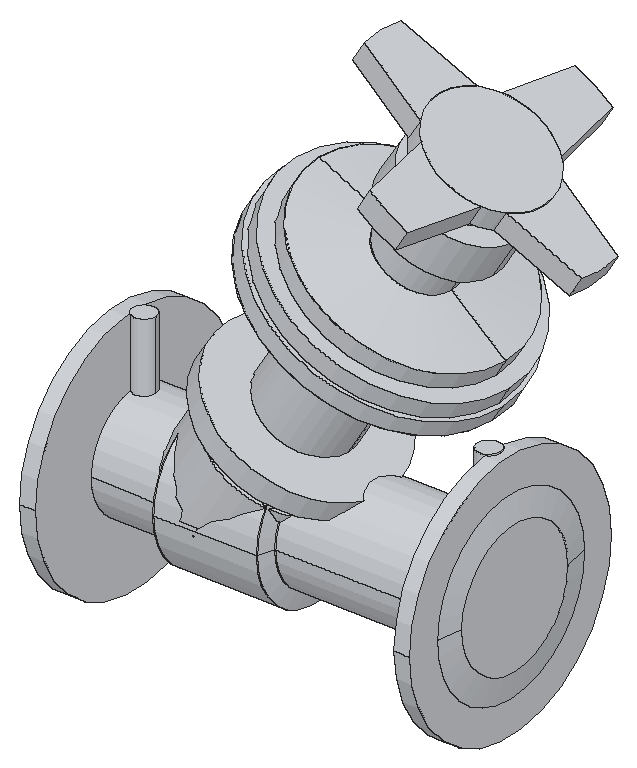
Revit family "224_DN100_40-160_RFA_2019", category Pipe Accessories, Revit 2019
Family settings
  Round Connector Dimension = Use Diameter
  Part Type = Valve - Breaks Into
  Work Plane-Based = No
  Always vertical = Yes
  Cut with Voids When Loaded = No
  Shared = No
Parameters (values of type "224_DN100_(40-160)")
  magiProductId = "71f9e553003c40d991c5e352e67284"
  magiProductFamilyId = "cb96b53648234cefb8c956722b95ac"
  magiPartTypeId = 304
  isMeasuringValve [instance] = no
  ang2D [instance] = 0.00°
  Z8 = 24.389 mm
  Z7 = 8.13 mm
  Z6 = 101.622 mm
  Z4 = 40.649 mm
  Z3 = 16.26 mm
  Z2 = 20.324 mm
  Z1 = 60.973 mm
  Y9 = 112.022 mm
  Y8 = 43.927 mm
  X9 = 19.752 mm
  X8 = 30.758 mm
  X5 = 152.2 mm
  X4 = 91 mm
  X1 = 14 mm
  W2D = 100 mm
  VersionID = "2.0/2018.4.11.4/ZETKAMA_224_001"
  Use Minimum Symbol Size [instance] = yes
  URL = "www.hydronic.cz"
  Type Comments = "přírubový ventil, PN16; -10~+120°C; dpmin=1,5xdpnast;"
  R8 = 53.625 mm
  R7 = 35.75 mm
  R6 = 96.688 mm
  R5 = 110 mm
  R4 = 113.75 mm
  R3 = 52 mm
  R2 = 80.5 mm
  R12 = 42.75 mm
  R10 = 58 mm
  QmdConnectorList = "301;D;302;D"
  Productdata [instance] = ""
  Manufacturer = "Hydronic Systems Prague s.r.o."
  Maintenance Zone Under Depth [instance] = 405 mm
  Maintenance Zone Right Depth [instance] = 350 mm
  Maintenance Zone Over Depth [instance] = 405 mm
  Maintenance Zone Left Depth [instance] = 350 mm
  Maintenance Zone Front Depth [instance] = 273 mm
  Maintenance Zone Back Depth [instance] = 273 mm
  Maintenance Zone Front Visibility [instance] = no
  MC Product Code = "224 100 7 (DN100; dpnast 40-160kPa; dpmax=250kPa; kvs=110,0kPa)"
  MC Piping Given Pressure Drop [instance] = 0.0 Pa
  LT2 = 175 mm
  L3 = 62.8 mm
  L2D_Min = 3048 mm
  L2D = 350 mm
  H5 = 60 mm
  FDT2 = 110 mm
  Description = "Regulátor diferenčního tlaku přírubový"
  DT21 = 50 mm
  DT2 = 50 mm
  D6 = 81.25 mm
  D5 = 65 mm
  D = 100 mm
  Clearance Zone Height Depth [instance] = 405 mm
  Clearance Zone Circular Radius [instance] = 350 mm
  Clearance Zone Visibility [instance] = no
  CAT0 = yes
  ARC2 = 1.728 mm
  ARC1 = 9.698 mm
  ANG = 32.00°
  A2 = 32.458 mm
  A1 = 51.943 mm
Types (10, lengths in mm): name | magiProductId | Z8 | Z7 | Z6 | Z4 | Z3 | Z2 | Z1 | X5 | X4 | X1 | R5 | R3 | R2 | R10 | Maintenance Zone Under Depth | Maintenance Zone Right Depth | Maintenance Zone Over Depth | Maintenance Zone Left Depth | MC Product Code | LT2 | L3 | H5 | FDT2 | DT21 | DT2 | D6 | D5 | D | Clearance Zone Height Depth | Clearance Zone Circular Radius | A2 | A1
  224_DN100_(40-160) | "71f9e553003c40d991c5e352e67284" | 24.389 | 8.13 | 101.622 | 40.649 | 16.26 | 20.324 | 60.973 | 152.2 | 91 | 14 | 110 | 52 | 80.5 | 58 | 405 | 350 | 405 | 350 | "224 100 7 (DN100; dpnast 40-160kPa; dpmax=250kPa; kvs=110,0kPa)" | 175 | 62.8 | 60 | 110 | 50 | 50 | 81.25 | 65 | 100 | 405 | 350 | 32.458 | 51.943
  224_DN100_(20-70) | "5e4de33176c64976a9c157b39996ce" | 24.389 | 8.13 | 101.622 | 40.649 | 16.26 | 20.324 | 60.973 | 152.2 | 91 | 14 | 110 | 52 | 80.5 | 58 | 405 | 350 | 405 | 350 | "224 100 3 (DN100; dpnast 20-70kPa; dpmax=250kPa; kvs=110,0kPa)" | 175 | 62.8 | 60 | 110 | 50 | 50 | 81.25 | 65 | 100 | 405 | 350 | 32.458 | 51.943
  224_DN125_(40-160) | "9beb69b667494b6ab1f54942078ae6" | 25.804 | 8.601 | 107.518 | 43.007 | 17.203 | 21.504 | 64.511 | 166.25 | 113.75 | 16 | 125 | 65 | 95.5 | 71 | 425 | 400 | 425 | 400 | "224 125 7 (DN125; dpnast 40-160kPa; dpmax=250kPa; kvs=169,0kPa)" | 200 | 72 | 62.5 | 125 | 62.5 | 62.5 | 101.562 | 81.25 | 125 | 425 | 400 | 37.094 | 59.363
  224_DN125_(20-70) | "2c85edc695ca465cb63b6911085491" | 25.804 | 8.601 | 107.518 | 43.007 | 17.203 | 21.504 | 64.511 | 166.25 | 113.75 | 16 | 125 | 65 | 95.5 | 71 | 425 | 400 | 425 | 400 | "224 125 3 (DN125; dpnast 20-70kPa; dpmax=250kPa; kvs=169,0kPa)" | 200 | 72 | 62.5 | 125 | 62.5 | 62.5 | 101.562 | 81.25 | 125 | 425 | 400 | 37.094 | 59.363
  224_DN150_(40-160) | "96017eba5eec4de2abe05c4d8dc7d1" | 26.866 | 8.955 | 89.552 | 44.776 | 17.91 | 22.388 | 89.552 | 223.38 | 115.5 | 19.2 | 142.5 | 70.2 | 108.5 | 84 | 440 | 480 | 440 | 480 | "224 150 7 (DN150; dpnast 40-160kPa; dpmax=250kPa; kvs=200,0kPa)" | 240 | 86.72 | 67.5 | 142.5 | 67.5 | 75 | 90.75 | 82.5 | 150 | 440 | 480 | 44.513 | 71.236
  224_DN150_(20-70) | "2dcf3707ec5549d494f72875a03dce" | 26.866 | 8.955 | 89.552 | 44.776 | 17.91 | 22.388 | 89.552 | 223.38 | 115.5 | 19.2 | 142.5 | 70.2 | 108.5 | 84 | 440 | 480 | 440 | 480 | "224 150 3 (DN150; dpnast 20-70kPa; dpmax=250kPa; kvs=200,0kPa)" | 240 | 86.72 | 67.5 | 142.5 | 67.5 | 75 | 90.75 | 82.5 | 150 | 440 | 480 | 44.513 | 71.236
  224_DN065_(40-160) | "7a3227ed888c4b0d8669ae9eb0085d" | 22.974 | 7.658 | 95.726 | 38.29 | 15.316 | 19.145 | 57.436 | 139.89 | 59.15 | 11.6 | 92.5 | 33.8 | 63 | 40.5 | 385 | 290 | 385 | 290 | "224 065 7 (DN65; dpnast 40-160kPa; dpmax=300kPa; kvs=48,4kPa)" | 145 | 51.76 | 60 | 92.5 | 32.5 | 32.5 | 52.812 | 42.25 | 65 | 385 | 290 | 26.893 | 43.038
  224_DN065_(20-70) | "bd269db4002540fe9b2a41f205afd7" | 22.974 | 7.658 | 95.726 | 38.29 | 15.316 | 19.145 | 57.436 | 139.89 | 59.15 | 11.6 | 92.5 | 33.8 | 63 | 40.5 | 385 | 290 | 385 | 290 | "224 065 3 (DN65; dpnast 20-70kPa; dpmax=300kPa; kvs=48,4kPa)" | 145 | 51.76 | 60 | 92.5 | 32.5 | 32.5 | 52.812 | 42.25 | 65 | 385 | 290 | 26.893 | 43.038
  224_DN080_(40-160) | "20b45c03d3cb49e9a44f946d5e2c2d" | 23.328 | 7.776 | 97.2 | 38.88 | 15.552 | 19.44 | 58.32 | 140.96 | 72.8 | 12.4 | 100 | 41.6 | 70.5 | 48 | 390 | 310 | 390 | 310 | "224 080 7 (DN80; dpnast 40-160kPa; dpmax=300kPa; kvs=74,5kPa)" | 155 | 55.44 | 60 | 100 | 40 | 40 | 65 | 52 | 80 | 390 | 310 | 28.748 | 46.007
  224_DN080_(20-70) | "2f63645f7c5342ecbadd0051fa47f2" | 23.328 | 7.776 | 97.2 | 38.88 | 15.552 | 19.44 | 58.32 | 140.96 | 72.8 | 12.4 | 100 | 41.6 | 70.5 | 48 | 390 | 310 | 390 | 310 | "224 080 3 (DN80; dpnast 20-70kPa; dpmax=300kPa; kvs=74,5kPa)" | 155 | 55.44 | 60 | 100 | 40 | 40 | 65 | 52 | 80 | 390 | 310 | 28.748 | 46.007
Reference planes
  plane 1 "Center (Front/Back)": y = 0
  plane 2 "XYPLANE": z = 0
  plane 3 "Center (Left/Right)": x = 0
  plane 4 "274": z = -405
  plane 5 "273": z = 405
  plane 6 "272": x = -350
  plane 7 "271": x = 350
  plane 8 "270": y = 273
  plane 9 "269": y = -273
  plane 10 "202": x = 152
  plane 11 "201": z = 50
  plane 12 "199": x = -150
  plane 13 "196": x = 4.8
  plane 14 "195": x = 0.8
  plane 15 "186": x = -90.2
  plane 16 "185": x = -94.2
  plane 17 "157": through (-523.992, 0, 576.747) normal (0.5299, 0, 0.848)
  plane 18 "123": y = -19.752
  plane 19 "122": y = -30.758
  plane 20 "120": y = 19.752
  plane 21 "119": y = 30.758
  plane 22 "118": through (258.389, 0, 722.924) normal (0.848, 0, -0.5299)
  plane 23 "117": through (390.642, 0, 640.284) normal (0.848, 0, -0.5299)
  plane 24 "116": through (448.389, 0, 604.199) normal (0.848, 0, -0.5299)
  plane 25 "115": through (316.137, 0, 686.839) normal (0.848, 0, -0.5299)
  plane 26 "113": y = -43.927
  plane 27 "112": y = -112.022
  plane 28 "110": through (379.474, 0, 647.262) normal (0.848, 0, -0.5299)
  plane 29 "108": through (336.638, 0, 674.029) normal (0.848, 0, -0.5299)
  plane 30 "107": through (327.305, 0, 679.861) normal (0.848, 0, -0.5299)
  plane 31 "106": through (370.14, 0, 653.094) normal (0.848, 0, -0.5299)
  plane 32 "105": y = 112.022
  plane 33 "104": y = 43.927
  plane 34 "99": through (-448.6, 0, 697.399) normal (0.5299, 0, 0.848)
  plane 35 "96": through (-459.371, 0, 680.163) normal (0.5299, 0, 0.848)
  plane 36 "91": through (-480.911, 0, 645.691) normal (0.5299, 0, 0.848)
  plane 37 "87": through (-502.452, 0, 611.219) normal (0.5299, 0, 0.848)
  plane 38 "84": through (-506.76, 0, 604.325) normal (0.5299, 0, 0.848)
  plane 39 "82": through (-515.376, 0, 590.536) normal (0.5299, 0, 0.848)
  plane 40 "75": through (-532.609, 0, 562.958) normal (0.5299, 0, 0.848)
  plane 41 "74": through (-545.533, 0, 542.275) normal (0.5299, 0, 0.848)
  plane 42 "41": through (-599.384, 0, 456.094) normal (0.5299, 0, 0.848)
  plane 43 "37": through (-610.155, 0, 438.858) normal (0.5299, 0, 0.848)
  plane 44 "34": through (-620.925, 0, 421.622) normal (0.5299, 0, 0.848)
  plane 45 "30": through (-653.236, 0, 369.914) normal (0.5299, 0, 0.848)
  plane 46 "28": y = 0
  plane 47 "27": through (353.389, 0, 663.562) normal (0.848, 0, -0.5299)
  plane 48 "24": x = 171
  plane 49 "23": x = 157
  plane 50 "15": x = -157
  plane 51 "11": x = -171
  plane 52 "6": x = 175
  plane 53 "5": x = -175
  plane 54 "3": z = 0
  plane 55 "2": y = 0
  plane 56 "1": x = 0
  plane 57 "25XY": through (-636.036, 0, 397.439) normal (0.5299, 0, 0.848)
  plane 58 "25XZ": y = 0
  plane 59 "25YZ": through (397.439, 0, 636.036) normal (0.848, 0, -0.5299)
Forms (mm)
  Blend 1, solid, visible <- "CAT0"
    base sketch origin (-545.533, 0, 542.275) x (0.848048, 0, -0.529919) y (0, 1, 0)
      loop
        circle (698.057, 0) r 42.75
    top sketch origin (-545.533, 0, 542.275) x (0.848048, 0, -0.529919) y (0, 1, 0)
      loop
        circle (698.057, 0) r 113.75
    from 0 to 24.389
  Blend 2, solid, visible <- "Maintenance Zone Front Visibility"
    base sketch origin (-750, 0, 405) x (1, 0, 0) y (0, 1, 0)
      loop
        line (400, 273) -> (400, -273) -> (1100, -273) -> (1100, 273) -> (400, 273)
    top sketch origin (-750, 0, 405) x (1, 0, 0) y (0, 1, 0)
      loop
        line (400, 273) -> (400, -273) -> (1100, -273) -> (1100, 273) -> (400, 273)
    from 0 to -810
  Extrusion 3, solid, visible <- "Clearance Zone Visibility"
    sketch origin (-750, 0, 0) x (1, 0, 0) y (0, 1, 0)
      loop
        circle (750, 0) r 350
    from 0 to 405 <- "Clearance Zone Height Depth"
  Extrusion 4, solid, visible <- "CAT0"
    sketch origin (-599.384, 0, 456.094) x (0.848048, 0, -0.529919) y (0, 1, 0)
      loop
        circle (698.057, 0) r 42.75
    from 0 to 101.622 <- "Z6"
  Extrusion 5, solid
    sketch origin (-750, 0, 50) x (1, 0, 0) y (0, 1, 0)
      loop
        circle (902, 0) r 10
    from 0 to 60 <- "H5"
  Extrusion 6, solid
    sketch origin (-750, 0, 50) x (1, 0, 0) y (0, 1, 0)
      loop
        circle (600, 0) r 10
    from 0 to 60 <- "H5"
  Extrusion 7, solid
    sketch origin (4.8, -750, 0) x (0, 1, 0) y (0, 0, 1)
      loop
        circle (750, 0) r 50
    from 0 to 152.2 <- "X5"
  Blend 8, solid
    base sketch origin (4.8, -750, 0) x (0, 1, 0) y (0, 0, 1)
      loop
        circle (750, 0) r 50
    top sketch origin (4.8, -750, 0) x (0, 1, 0) y (0, 0, 1)
      loop
        circle (750, 0) r 65
    from 0 to -4
  Extrusion 9, solid
    sketch origin (-90.2, -750, 0) x (0, 1, 0) y (0, 0, 1)
      loop
        circle (750, 0) r 65
    from 0 to 91 <- "X4"
  Blend 10, solid
    base sketch origin (-94.2, -750, 0) x (0, 1, 0) y (0, 0, 1)
      loop
        circle (750, 0) r 50
    top sketch origin (-94.2, -750, 0) x (0, 1, 0) y (0, 0, 1)
      loop
        circle (750, 0) r 65
    from 0 to 4
  Extrusion 11, solid
    sketch origin (-653.236, 0, 369.914) x (0.848048, 0, -0.529919) y (0, 1, 0)
      loop
        circle (698.057, 0) r 65
    from 0 to 60.973 <- "Z1"
  Extrusion 12, solid
    sketch origin (-532.609, 0, 562.958) x (0.848048, 0, -0.529919) y (0, 1, 0)
      loop
        circle (698.057, 0) r 113.75
    from 0 to 16.26 <- "Z3"
  Extrusion 13, solid
    sketch origin (-448.6, 0, 697.399) x (0.848048, 0, -0.529919) y (0, 1, 0)
      loop
        line (741.984, -30.758) -> (810.079, -19.752)
        arc (810.079, -19.752) -> (811.807, 0) -> (810.079, 19.752) r 113.75
        line (810.079, 19.752) -> (741.984, 30.758)
        arc (741.984, 30.758) -> (751.682, 0) -> (741.984, -30.758) r 53.625
    from 0 to 20.324 <- "Z2"
  Extrusion 14, solid
    sketch origin (-448.6, 0, 697.399) x (0.848048, 0, -0.529919) y (0, 1, 0)
      loop
        line (654.13, 30.758) -> (586.035, 19.752)
        arc (586.035, 19.752) -> (584.307, 0) -> (586.035, -19.752) r 113.75
        line (586.035, -19.752) -> (654.13, -30.758)
        arc (654.13, -30.758) -> (644.432, 0) -> (654.13, 30.758) r 53.625
    from 0 to 20.324 <- "Z2"
  Extrusion 15, solid
    sketch origin (-448.6, 0, 697.399) x (0.848048, 0, -0.529919) y (0, 1, 0)
      loop
        line (667.299, -43.927) -> (678.305, -112.022)
        arc (678.305, -112.022) -> (698.057, -113.75) -> (717.81, -112.022) r 113.75
        line (717.81, -112.022) -> (728.815, -43.927)
        arc (728.815, -43.927) -> (698.057, -53.625) -> (667.299, -43.927) r 53.625
    from 0 to 20.324 <- "Z2"
  Extrusion 16, solid
    sketch origin (-448.6, 0, 697.399) x (0.848048, 0, -0.529919) y (0, 1, 0)
      loop
        line (728.815, 43.927) -> (717.81, 112.022)
        arc (717.81, 112.022) -> (698.057, 113.75) -> (678.305, 112.022) r 113.75
        line (678.305, 112.022) -> (667.299, 43.927)
        arc (667.299, 43.927) -> (698.057, 53.625) -> (728.815, 43.927) r 53.625
    from 0 to 20.324 <- "Z2"
  Extrusion 17, solid
    sketch origin (-448.6, 0, 697.399) x (0.848048, 0, -0.529919) y (0, 1, 0)
      loop
        circle (698.057, 0) r 53.625
    from 0 to 20.324 <- "Z2"
  Extrusion 18, solid
    sketch origin (-459.371, 0, 680.163) x (0.848048, 0, -0.529919) y (0, 1, 0)
      loop
        circle (698.057, 0) r 35.75
    from 0 to 20.324 <- "Z2"
  Extrusion 19, solid
    sketch origin (-480.911, 0, 645.691) x (0.848048, 0, -0.529919) y (0, 1, 0)
      loop
        circle (698.057, 0) r 53.625
    from 0 to 40.649 <- "Z4"
  Extrusion 20, solid
    sketch origin (-502.452, 0, 611.219) x (0.848048, 0, -0.529919) y (0, 1, 0)
      loop
        circle (698.057, 0) r 35.75
    from 0 to 40.649 <- "Z4"
  Blend 21, solid
    base sketch origin (-506.76, 0, 604.325) x (0.848048, 0, -0.529919) y (0, 1, 0)
      loop
        circle (698.057, 0) r 96.688
    top sketch origin (-506.76, 0, 604.325) x (0.848048, 0, -0.529919) y (0, 1, 0)
      loop
        circle (698.057, 0) r 35.75
    from 0 to 8.13
  Extrusion 22, solid
    sketch origin (-515.376, 0, 590.536) x (0.848048, 0, -0.529919) y (0, 1, 0)
      loop
        circle (698.057, 0) r 96.688
    from 0 to 16.26 <- "Z3"
  Extrusion 23, solid
    sketch origin (-523.992, 0, 576.747) x (0.848048, 0, -0.529919) y (0, 1, 0)
      loop
        circle (698.057, 0) r 110
    from 0 to 16.26 <- "Z3"
  Extrusion 24, solid
    sketch origin (-610.155, 0, 438.858) x (0.848048, 0, -0.529919) y (0, 1, 0)
      loop
        circle (698.057, 0) r 81.25
    from 0 to 20.324 <- "Z2"
  Extrusion 25, solid
    sketch origin (-620.925, 0, 421.622) x (0.848048, 0, -0.529919) y (0, 1, 0)
      loop
        circle (698.057, 0) r 52
    from 0 to 20.324 <- "Z2"
  Blend 26, solid
    base sketch origin (171, -750, 0) x (0, 1, 0) y (0, 0, 1)
      loop
        circle (750, 0) r 80.5
    top sketch origin (171, -750, 0) x (0, 1, 0) y (0, 0, 1)
      loop
        circle (750, 0) r 58
    from 0 to 4
  Extrusion 27, solid
    sketch origin (157, -750, 0) x (0, 1, 0) y (0, 0, 1)
      loop
        circle (750, 0) r 110
    from 0 to 14 <- "X1"
  Extrusion 28, solid
    sketch origin (-157, -750, 0) x (0, 1, 0) y (0, 0, 1)
      loop
        circle (750, 0) r 50
    from 0 to 62.8 <- "L3"
  Extrusion 29, solid
    sketch origin (-171, -750, 0) x (0, 1, 0) y (0, 0, 1)
      loop
        circle (750, 0) r 110
    from 0 to 14 <- "X1"
  Blend 30, solid
    base sketch origin (-175, -750, 0) x (0, 1, 0) y (0, 0, 1)
      loop
        circle (750, 0) r 58
    top sketch origin (-175, -750, 0) x (0, 1, 0) y (0, 0, 1)
      loop
        circle (750, 0) r 80.5
    from 0 to 4
  Extrusion 31, solid, not visible
    sketch origin (175, -750, 0) x (0, 1, 0) y (0, 0, 1)
      loop
        circle (750, 0) r 10
    from 0 to -10
  Extrusion 32, solid, not visible
    sketch origin (-175, -750, 0) x (0, 1, 0) y (0, 0, 1)
      loop
        circle (750, 0) r 10
    from 0 to 10
Lines and regions (mm)
  reference lines, not visible
    curve 1: circle (2, 2, 0) r 1 normal (0, 0, 1)
  reference lines
    curve 2: line (180.638, -30.758, 304.208) -> (180.638, 30.758, 304.208)
    curve 3: line (238.386, 19.752, 268.123) -> (238.386, -19.752, 268.123)
    curve 4: line (106.133, 30.758, 350.763) -> (106.133, -30.758, 350.763)
    curve 5: line (48.386, -19.752, 386.848) -> (48.386, 19.752, 386.848)
    curve 6: line (117.301, -43.927, 343.785) -> (169.47, -43.927, 311.186)
    curve 7: line (160.137, -112.022, 317.018) -> (126.635, -112.022, 337.953)
    curve 8: line (169.47, 43.927, 311.186) -> (117.301, 43.927, 343.785)
    curve 9: line (126.635, 112.022, 337.953) -> (160.137, 112.022, 317.018)
Dimensions and locks
  plane 1 "Center (Front/Back)" to curve 1 = 2 mm
  "Maintenance Zone Under Depth": plane 2 "XYPLANE" to plane 4 "274"
  "Maintenance Zone Over Depth": plane 2 "XYPLANE" to plane 5 "273"
  "Maintenance Zone Left Depth": plane 3 "Center (Left/Right)" to plane 6 "272"
  "Maintenance Zone Right Depth": plane 3 "Center (Left/Right)" to plane 7 "271"
  "Maintenance Zone Back Depth": plane 1 "Center (Front/Back)" to plane 8 "270"
  "Maintenance Zone Front Depth": plane 1 "Center (Front/Back)" to plane 9 "269"
  locked: plane 49 "23" to plane 10 "202" at 5
  "DT2": plane 2 "XYPLANE" to plane 11 "201"
  locked: plane 50 "15" to plane 12 "199" at 7
  locked: plane 14 "195" to plane 13 "196" at 4
  "X4": plane 15 "186" to plane 14 "195"
  locked: plane 16 "185" to plane 15 "186" at 4
  "L3": plane 50 "15" to plane 16 "185"
  "Z3": plane 40 "75" to plane 17 "157"
  "X9": plane 55 "2" to plane 18 "123"
  "X8": plane 55 "2" to plane 19 "122"
  "X9": plane 55 "2" to plane 20 "120"
  "X8": plane 55 "2" to plane 21 "119"
  "Y9": plane 47 "27" to plane 22 "118"
  "Y8": plane 47 "27" to plane 23 "117"
  "Y9": plane 47 "27" to plane 24 "116"
  "Y8": plane 47 "27" to plane 25 "115"
  "Y8": plane 55 "2" to plane 26 "113"
  "Y9": plane 55 "2" to plane 27 "112"
  "X8": plane 47 "27" to plane 28 "110"
  "X9": plane 47 "27" to plane 29 "108"
  "X8": plane 47 "27" to plane 30 "107"
  "X9": plane 47 "27" to plane 31 "106"
  "Y9": plane 55 "2" to plane 32 "105"
  "Y8": plane 55 "2" to plane 33 "104"
  "Z2": plane 35 "96" to plane 34 "99"
  "Z4": plane 36 "91" to plane 35 "96"
  "Z4": plane 37 "87" to plane 36 "91"
  "Z7": plane 38 "84" to plane 37 "87"
  "Z3": plane 39 "82" to plane 38 "84"
  "Z3": plane 17 "157" to plane 39 "82"
  "Z8": plane 41 "74" to plane 40 "75"
  "Z6": plane 42 "41" to plane 41 "74"
  "Z2": plane 43 "37" to plane 42 "41"
  "Z2": plane 44 "34" to plane 43 "37"
  "Z1": plane 45 "30" to plane 44 "34"
  "A2": plane 57 "25XY" to plane 45 "30"
  locked: plane 55 "2" to plane 46 "28"
  "A1": plane 59 "25YZ" to plane 47 "27"
  "X1": plane 49 "23" to plane 48 "24"
  "X5": plane 13 "196" to plane 49 "23"
  "X1": plane 51 "11" to plane 50 "15"
  locked: plane 53 "5" to plane 51 "11" at 4
  "LT2": plane 3 "Center (Left/Right)" to plane 52 "6"
  "LT2": plane 3 "Center (Left/Right)" to plane 53 "5"
  locked: plane 2 "XYPLANE" to plane 54 "3"
  locked: plane 1 "Center (Front/Back)" to plane 55 "2"
  locked: plane 3 "Center (Left/Right)" to plane 56 "1"
  Blend 2 sketch curve to Blend 2 sketch curve = 0 mm  (x16)
  "ARC1": curve 2 to Extrusion 13 sketch curve
  "ARC2": curve 3 to Extrusion 13 sketch curve
  Extrusion 13 sketch curve to Extrusion 13 sketch curve = 0 mm  (x8)
  "ARC1": curve 4 to Extrusion 14 sketch curve
  "ARC2": curve 5 to Extrusion 14 sketch curve
  Extrusion 14 sketch curve to Extrusion 14 sketch curve = 0 mm  (x8)
  "ARC1": curve 6 to Extrusion 15 sketch curve
  "ARC2": curve 7 to Extrusion 15 sketch curve
  Extrusion 15 sketch curve to Extrusion 15 sketch curve = 0 mm  (x8)
  "ARC1": curve 8 to Extrusion 16 sketch curve
  "ARC2": curve 9 to Extrusion 16 sketch curve
  Extrusion 16 sketch curve to Extrusion 16 sketch curve = 0 mm  (x8)
  "R4": radius of Blend 1 sketch curve
  "R12": radius of Blend 1 sketch curve
  "Clearance Zone Circular Radius": radius of Extrusion 3 sketch curve
  "R12": radius of Extrusion 4 sketch curve
  "DT21": radius of Extrusion 7 sketch curve
  "D5": radius of Blend 8 sketch curve
  "DT21": radius of Blend 8 sketch curve
  "D5": radius of Extrusion 9 sketch curve
  "D5": radius of Blend 10 sketch curve
  "DT21": radius of Blend 10 sketch curve
  "D5": radius of Extrusion 11 sketch curve
  "R4": radius of Extrusion 12 sketch curve
  "R8": radius of Extrusion 17 sketch curve
  "R7": radius of Extrusion 18 sketch curve
  "R8": radius of Extrusion 19 sketch curve
  "R7": radius of Extrusion 20 sketch curve
  "R7": radius of Blend 21 sketch curve
  "R6": radius of Blend 21 sketch curve
  "R6": radius of Extrusion 22 sketch curve
  "R5": radius of Extrusion 23 sketch curve
  "D6": radius of Extrusion 24 sketch curve
  "R3": radius of Extrusion 25 sketch curve
  "R10": radius of Blend 26 sketch curve
  "R2": radius of Blend 26 sketch curve
  "FDT2": radius of Extrusion 27 sketch curve
  "DT21": radius of Extrusion 28 sketch curve
  "FDT2": radius of Extrusion 29 sketch curve
  "R2": radius of Blend 30 sketch curve
  "R10": radius of Blend 30 sketch curve
  aligned and locked: level to plane 2 "XYPLANE"
  aligned and locked: plane 46 "28" to Blend 1 sketch curve  (x2)
  aligned and locked: Blend 1 sketch curve to plane 47 "27"  (x2)
  aligned and locked: plane 40 "75" to Blend 1
  aligned and locked: Blend 2 sketch curve to plane 6 "272"  (x2)
  aligned and locked: plane 8 "270" to Blend 2 sketch curve  (x4)
  aligned and locked: plane 9 "269" to Blend 2 sketch curve  (x4)
  aligned and locked: plane 6 "272" to Blend 2 sketch curve  (x2)
  aligned and locked: plane 7 "271" to Blend 2 sketch curve  (x4)
  aligned and locked: Blend 2 to plane 4 "274"
  aligned and locked: plane 55 "2" to Extrusion 3 sketch curve
  aligned and locked: plane 56 "1" to Extrusion 3 sketch curve
  aligned and locked: plane 46 "28" to Extrusion 4 sketch curve
  aligned and locked: Extrusion 4 sketch curve to plane 47 "27"
  aligned and locked: plane 10 "202" to Extrusion 5 sketch curve
  aligned and locked: plane 55 "2" to Extrusion 5 sketch curve
  aligned and locked: plane 12 "199" to Extrusion 6 sketch curve
  aligned and locked: plane 55 "2" to Extrusion 6 sketch curve
  aligned and locked: plane 54 "3" to Extrusion 7 sketch curve
  aligned and locked: Extrusion 7 sketch curve to plane 55 "2"
  aligned and locked: plane 54 "3" to Blend 8 sketch curve  (x2)
  aligned and locked: Blend 8 sketch curve to plane 55 "2"  (x2)
  aligned and locked: Blend 8 to plane 14 "195"
  aligned and locked: plane 54 "3" to Extrusion 9 sketch curve
  aligned and locked: Extrusion 9 sketch curve to plane 55 "2"
  aligned and locked: plane 54 "3" to Blend 10 sketch curve  (x2)
  aligned and locked: Blend 10 sketch curve to plane 55 "2"  (x2)
  aligned and locked: plane 15 "186" to Blend 10
  aligned and locked: plane 46 "28" to Extrusion 11 sketch curve
  aligned and locked: Extrusion 11 sketch curve to plane 47 "27"
  aligned and locked: plane 46 "28" to Extrusion 12 sketch curve
  aligned and locked: Extrusion 12 sketch curve to plane 47 "27"
  aligned and locked: curve 2 to plane 23 "117"
  aligned and locked: plane 19 "122" to curve 2
  aligned and locked: plane 21 "119" to curve 2
  aligned and locked: plane 21 "119" to Extrusion 13 sketch curve
  aligned and locked: plane 23 "117" to Extrusion 13 sketch curve
  aligned and locked: plane 20 "120" to Extrusion 13 sketch curve
  aligned and locked: plane 24 "116" to Extrusion 13 sketch curve
  aligned and locked: curve 3 to plane 24 "116"
  aligned and locked: plane 20 "120" to curve 3
  aligned and locked: plane 18 "123" to curve 3
  aligned and locked: plane 18 "123" to Extrusion 13 sketch curve
  aligned and locked: Extrusion 13 sketch curve to plane 24 "116"
  aligned and locked: plane 19 "122" to Extrusion 13 sketch curve
  aligned and locked: Extrusion 13 sketch curve to plane 23 "117"
  aligned and locked: curve 4 to plane 25 "115"
  aligned and locked: plane 21 "119" to curve 4
  aligned and locked: plane 19 "122" to curve 4
  aligned and locked: plane 19 "122" to Extrusion 14 sketch curve
  aligned and locked: Extrusion 14 sketch curve to plane 25 "115"
  aligned and locked: plane 18 "123" to Extrusion 14 sketch curve
  aligned and locked: Extrusion 14 sketch curve to plane 22 "118"
  aligned and locked: curve 5 to plane 22 "118"
  aligned and locked: plane 18 "123" to curve 5
  aligned and locked: plane 20 "120" to curve 5
  aligned and locked: plane 20 "120" to Extrusion 14 sketch curve
  aligned and locked: plane 22 "118" to Extrusion 14 sketch curve
  aligned and locked: plane 21 "119" to Extrusion 14 sketch curve
  aligned and locked: plane 25 "115" to Extrusion 14 sketch curve
  aligned and locked: curve 6 to plane 26 "113"
  aligned and locked: curve 6 to plane 30 "107"
  aligned and locked: curve 6 to plane 28 "110"
  aligned and locked: plane 26 "113" to Extrusion 15 sketch curve  (x2)
  aligned and locked: Extrusion 15 sketch curve to plane 28 "110"
  aligned and locked: plane 27 "112" to Extrusion 15 sketch curve  (x2)
  aligned and locked: Extrusion 15 sketch curve to plane 31 "106"
  aligned and locked: plane 27 "112" to curve 7
  aligned and locked: curve 7 to plane 31 "106"
  aligned and locked: curve 7 to plane 29 "108"
  aligned and locked: Extrusion 15 sketch curve to plane 29 "108"
  aligned and locked: Extrusion 15 sketch curve to plane 30 "107"
  aligned and locked: plane 33 "104" to curve 8
  aligned and locked: plane 28 "110" to curve 8
  aligned and locked: plane 30 "107" to curve 8
  aligned and locked: plane 30 "107" to Extrusion 16 sketch curve
  aligned and locked: plane 33 "104" to Extrusion 16 sketch curve  (x2)
  aligned and locked: plane 29 "108" to Extrusion 16 sketch curve
  aligned and locked: plane 32 "105" to Extrusion 16 sketch curve  (x2)
  aligned and locked: curve 9 to plane 32 "105"
  aligned and locked: plane 29 "108" to curve 9
  aligned and locked: plane 31 "106" to curve 9
  aligned and locked: plane 31 "106" to Extrusion 16 sketch curve
  aligned and locked: plane 28 "110" to Extrusion 16 sketch curve
  aligned and locked: plane 46 "28" to Extrusion 17 sketch curve
  aligned and locked: Extrusion 17 sketch curve to plane 47 "27"
  aligned and locked: plane 46 "28" to Extrusion 18 sketch curve
  aligned and locked: Extrusion 18 sketch curve to plane 47 "27"
  aligned and locked: plane 46 "28" to Extrusion 19 sketch curve
  aligned and locked: Extrusion 19 sketch curve to plane 47 "27"
  aligned and locked: plane 46 "28" to Extrusion 20 sketch curve
  aligned and locked: Extrusion 20 sketch curve to plane 47 "27"
  aligned and locked: plane 46 "28" to Blend 21 sketch curve  (x2)
  aligned and locked: Blend 21 sketch curve to plane 47 "27"  (x2)
  aligned and locked: plane 37 "87" to Blend 21
  aligned and locked: plane 46 "28" to Extrusion 22 sketch curve
  aligned and locked: Extrusion 22 sketch curve to plane 47 "27"
  aligned and locked: plane 46 "28" to Extrusion 23 sketch curve
  aligned and locked: Extrusion 23 sketch curve to plane 47 "27"
  aligned and locked: plane 46 "28" to Extrusion 24 sketch curve
  aligned and locked: Extrusion 24 sketch curve to plane 47 "27"
  aligned and locked: plane 46 "28" to Extrusion 25 sketch curve
  aligned and locked: Extrusion 25 sketch curve to plane 47 "27"
  aligned and locked: plane 54 "3" to Blend 26 sketch curve  (x2)
  aligned and locked: Blend 26 sketch curve to plane 55 "2"  (x2)
  aligned and locked: plane 52 "6" to Blend 26
  aligned and locked: plane 54 "3" to Extrusion 27 sketch curve
  aligned and locked: Extrusion 27 sketch curve to plane 55 "2"
  aligned and locked: plane 54 "3" to Extrusion 28 sketch curve
  aligned and locked: Extrusion 28 sketch curve to plane 55 "2"
  aligned and locked: plane 54 "3" to Extrusion 29 sketch curve
  aligned and locked: Extrusion 29 sketch curve to plane 55 "2"
  aligned and locked: plane 54 "3" to Blend 30 sketch curve  (x2)
  aligned and locked: Blend 30 sketch curve to plane 55 "2"  (x2)
  aligned and locked: plane 51 "11" to Blend 30
  aligned and locked: plane 54 "3" to Extrusion 31 sketch curve
  aligned and locked: Extrusion 31 sketch curve to plane 55 "2"
  aligned and locked: plane 54 "3" to Extrusion 32 sketch curve
  aligned and locked: Extrusion 32 sketch curve to plane 55 "2"
Automatic sketch dimensions
  Extrusion 5 sketch curve to Extrusion 5 sketch curve = 10 mm
  Extrusion 6 sketch curve to plane 50 "15" = 3 mm
  plane 18 "123" to Extrusion 31 sketch curve = 9.752 mm
  plane 18 "123" to Extrusion 32 sketch curve = 9.752 mm
  plane 14 "195" to curve 1 = 1.2 mm
  radius of curve 1 = 1 mm
Connectors
  piping at (-175, 0, 0), diameter 100, driven by "D"
    settings: on Extrusion 32, index 1, connector inside diameter 609.6 mm, connector length 0 mm, flow factor 0, pipe flow 0.0 L/s, pressure drop 0.0 Pa, fitting loss kfactor 0, connector angle 0.00°, fixture units 0, engagement length 0 mm, angle of deflection 0.00°, flow configuration 0, flow direction 0, fitting loss method 0, system type 29, joint type 0, gender type 0, connector reference index 2, connector utility 0, adjustable connector no, is connector primary yes, connector description ""
  piping at (175, 0, 0), diameter 100, driven by "D"
    settings: on Extrusion 31, index 2, connector inside diameter 609.6 mm, connector length 0 mm, flow factor 0, pipe flow 0.0 L/s, pressure drop 0.0 Pa, fitting loss kfactor 0, connector angle 0.00°, fixture units 0, engagement length 0 mm, angle of deflection 0.00°, flow configuration 0, flow direction 0, fitting loss method 0, system type 29, joint type 0, gender type 0, connector reference index 1, connector utility 0, adjustable connector no, is connector primary no, connector description ""
